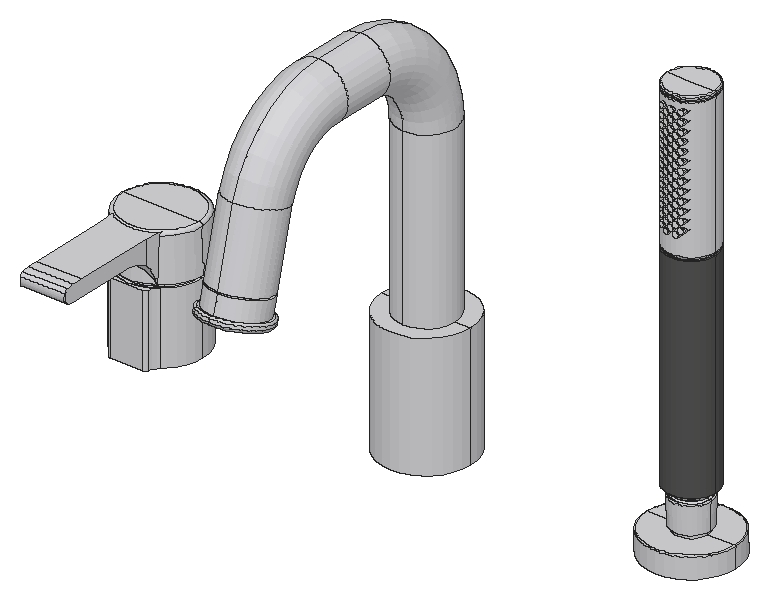
Revit family "Faucet-Bath_Filler-KOHLER-Singulier-K-10873", category Plumbing Fixtures, host Face, Revit 2015 (continued)
Definition of nested family "K-10873_Lever"
  Dimensions and locks (in)
    plane 12 to plane 1 "Center (Front/Back)" = 15/16"
    plane 18 to level = 2 3/4"
    aligned and locked: plane 2 to level
